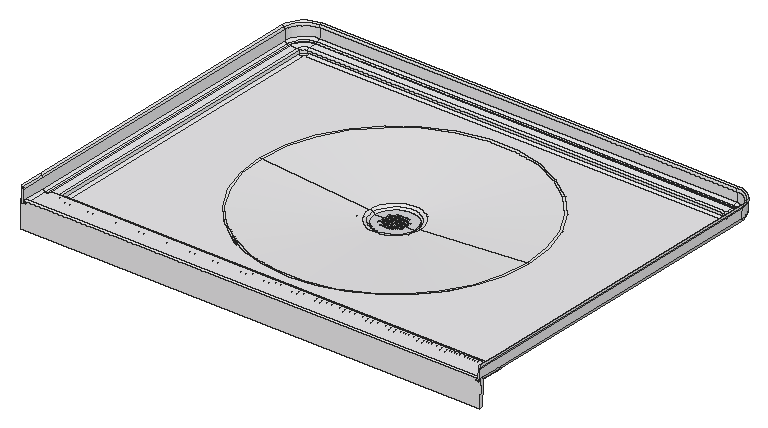
Revit family "Shower-Receptor-STERLING-GUARD-95078", category Plumbing Fixtures, host Face, Revit 2017
Family settings
  Host = Face
  Round Connector Dimension = Use Diameter
  Part Type = Normal
  OmniClass Number = 23.31.17.13
  OmniClass Title = Shower Receptors
  Cut with Voids When Loaded = No
  Shared = No
  Room Calculation Point = No
Parameters (values of type "0-White")
  Width = 38"  # constant formula
  WaterSense Certified = 1 = 0  # no
  Waste Water Outlet = "Waste Water Outlet"  # constant formula
  Waste Connection = 1 = 1  # yes
  Vent Connection = 1 = 0  # no
  URL = "https://www.sterlingplumbing.com/"
  Type = 1
  Product Page URL = "http://www.sterlingplumbing.com/detail?productNumber=95078"
  Product Name = "GUARD"  # constant formula
  Product Documentation Link = "https://resources.kohler.com/plumbing/sterling/pdf/95078_spec_US-CA_Sterling_en.pdf"
  Pressure = 0.00 psi
  Model = "95078-0"  # constant formula
  Material = "Acrylic"  # constant formula
  Master Format 2014 Name = "Residential Showers"  # constant formula
  Master Format 2014 = "22 41 23"  # constant formula
  Manufacturer Address = "444 Highland Dr, Kohler, WI 53044"  # constant formula
  Manufacturer = "STERLING Co."  # constant formula
  Length = 50"  # constant formula
  Hot Water Inlet = "Hot Water Inlet"  # constant formula
  Height = 5 109/256"  # constant formula
  HW Connection = 1 = 0  # no
  Flow Rate = 0 GPM
  Finish = STERLING-Acrylic-0-White
  Environmental Product Declaration = ""
  Drain Included = 1 = 0  # no
  Description = "50 inch x 38 inch shower base"  # constant formula
  Default Elevation = 0"
  Declare Label = ""
  Date Modified = "12/9/2020"  # constant formula
  Date Created = "12/9/2020"  # constant formula
  Copyright = "Copyright STERING.Co"  # constant formula
  Contact Us = "https://www.us.kohler.com/us/static/contact.jsp"
  Cold Water Inlet = "Cold Water Inlet"  # constant formula
  CW Connection = 1 = 0  # no
  Assembly Code = "D2010700"
  ADA Compliant = 1 = 0  # no
Reference planes (in)
  plane 1 "Center (Front/Back)": y = 0
  plane 2: z = 0
  plane 3 "Center (Left/Right)": x = 0
  plane 4: x = -25
  plane 5: x = 25
  plane 6: y = -19
  plane 7: y = 19
  plane 8: y = 0.75
  plane 9: z = 4.17803
  plane 10: z = -1.24775
Forms (in)
  Revolve 1, void
    sketch origin (0, 0, 0) x (0, 1, 0) y (0, 0, 1)
      loop
        line (0.75, 0.4423) -> (0.75, -1.2495) -> (2.34194, -1.2495) -> (2.34194, -0.31325) -> (3.01031, -0.31325) -> (3.01031, 0.4423) -> (0.75, 0.4423)
      axis (0.75, 0.4423) -> (0.75, -1.2495)
    angle from 0 to 360
Dimensions and locks (in)
  locked: plane 7 to plane 8 at 18.25
  "Length": plane 4 to plane 5
  "Width": plane 6 to plane 7
  equal spacing: plane 6, plane 1 "Center (Front/Back)", plane 7, locked at 19 each
  locked: plane 9 to level at 4.17803
  "Height": plane 9 to plane 10
  locked: plane 3 "Center (Left/Right)" to plane 5 at 25
  aligned and locked: plane 2 to host face
  aligned and locked: level to host face
  aligned and locked: nested 1 to plane 6
Automatic sketch dimensions
  host sketch curve to host sketch curve = 96"  (x2)
  Revolve 1 sketch curve to plane 1 "Center (Front/Back)" = 3/4"  (x2)
  Revolve 1 sketch curve to level = 0.31325"
  plane 8 to Revolve 1 sketch curve = 1.59194"
  Revolve 1 sketch curve to Revolve 1 sketch curve = 0.66837"
  Revolve 1 sketch curve to level = 1.2495"
  level to Revolve 1 sketch curve = 0.4423"
  Revolve 1 sketch curve to Revolve 1 sketch curve = 0.2505"
  Revolve 1 sketch curve to Revolve 1 sketch curve = 4.8077"
Nested families (in)
  nested 1: "95078" at (0, 0.75, 0), type "95078"
Connectors (in)
  piping at (0, 0.75, -1.2495), diameter 2.5, driven by "Flow Rate", driven by "Waste Connection", driven by "Waste Water Outlet"
    settings: on nested 1, index 1, connector inside diameter 24", connector length 0", flow factor 0, pipe flow 0 GPM, pressure drop 0.00 psi, fitting loss kfactor 0, connector angle 0.00°, fixture units 0, engagement length 0", angle of deflection 0.00°, flow configuration 0, flow direction 2, fitting loss method 0, system type 16, joint type 0, gender type 0, connector reference index -1, connector utility 1, adjustable connector no, is connector primary yes, connector description "Waste Water Outlet"
Definition of nested family "95078"
  Parameters (values of type "95078")
    Material = none
  Reference planes (in)
    plane 1 "Center (Front/Back)": y = 0
    plane 2: z = 0
    plane 3 "Center (Left/Right)": x = 0
    plane 4: y = 18.25
    plane 5: y = -19.75
    plane 6: z = 4.17803
    plane 7: z = -1.2495
    plane 8: z = 2.87402
    plane 9: z = 2.43652
    plane 10: x = -25
    plane 11: x = 25
    plane 12: x = -22.83594
    plane 13: x = 22.83594
  Forms (in)
    Sweep 1, solid, material <- "Material", detail levels medium+fine
      path origin (0, 0, 0) x (1, 0, 0) y (0, 1, 0)
        loop
          line (-22.83594, -17.04988) -> (-22.83594, 15.85845)
          arc (-22.83594, 15.85845) -> (-22.76931, 16.01931) -> (-22.60845, 16.08594) r 0.22749
          line (-22.60845, 16.08594) -> (22.76736, 16.08594)
          arc (22.76736, 16.08594) -> (22.81585, 16.06585) -> (22.83594, 16.01736) r 0.06858
          line (22.83594, 16.01736) -> (22.83594, -17.05078)
      profile origin (22.83594, -0.51671, 0) x (1, 0, 0) y (0, 0, 1)
        loop
          arc (2.16419, 4.17803) -> (2.07526, 4.12125) -> (1.99893, 4.0484) r 0.54543
          arc (1.99893, 4.0484) -> (1.93241, 3.93698) -> (1.90776, 3.80958) r 0.37562
          line (1.90776, 3.80958) -> (1.89012, 2.79867)
          arc (1.89012, 2.79867) -> (1.81538, 2.62472) -> (1.64016, 2.55303) r 0.25
          line (1.64016, 2.55303) -> (1.34203, 2.55303)
          arc (1.34203, 2.55303) -> (1.2733, 2.55114) -> (1.20477, 2.54548) r 1.25
          line (1.20477, 2.54548) -> (0.51287, 2.46904)
          arc (0.51287, 2.46904) -> (0.39438, 2.41258) -> (0.33649, 2.29478) r 0.19981
          line (0.33649, 2.29478) -> (0.30946, 2.07465)
          arc (0.30946, 2.07465) -> (0.22697, 1.91788) -> (0.06132, 1.85512) r 0.25
          line (0.06132, 1.85512) -> (0, 1.85512) -> (0, 1.64327) -> (0.05791, 1.64327)
          arc (0.05791, 1.64327) -> (0.36661, 1.76022) -> (0.52031, 2.05236) r 0.46587
          line (0.52031, 2.05236) -> (0.53339, 2.15884)
          arc (0.53339, 2.15884) -> (0.57048, 2.23432) -> (0.64641, 2.2705) r 0.12803
          line (0.64641, 2.2705) -> (1.23258, 2.33526)
          arc (1.23258, 2.33526) -> (1.28495, 2.33959) -> (1.33748, 2.34103) r 0.95526
          line (1.33748, 2.34103) -> (1.63258, 2.34103)
          arc (1.63258, 2.34103) -> (1.9618, 2.47572) -> (2.10222, 2.80254) r 0.46971
          line (2.10222, 2.80254) -> (2.11973, 3.80588)
          arc (2.11973, 3.80588) -> (2.13177, 3.86398) -> (2.16419, 3.91367) r 0.15967
          line (2.16419, 3.91367) -> (2.16419, 4.17803)
    Extrusion 2, solid, material <- "Material", detail levels medium+fine
      sketch origin (0, 0, 0) x (0, 1, 0) y (0, 0, 1)
        loop
          arc (-16.41142, 2.24476) -> (-16.52724, 2.4649) -> (-16.75986, 2.55303) r 0.35106
          line (-16.75986, 2.55303) -> (-19.26888, 2.55303)
          arc (-19.26888, 2.55303) -> (-19.34808, 2.58463) -> (-19.38378, 2.66207) r 0.11506
          line (-19.38378, 2.66207) -> (-19.3883, 2.74831)
          arc (-19.3883, 2.74831) -> (-19.52231, 2.87438) -> (-19.65411, 2.74599) r 0.13304
          line (-19.65411, 2.74599) -> (-19.75, 0) -> (-19.43781, 0) -> (-19.36052, 2.21316)
          arc (-19.36052, 2.21316) -> (-19.31982, 2.30248) -> (-19.22788, 2.33685) r 0.12825
          line (-19.22788, 2.33685) -> (-16.73783, 2.2499)
          arc (-16.73783, 2.2499) -> (-16.65101, 2.21217) -> (-16.6132, 2.12538) r 0.12922
          arc (-16.6132, 2.12538) -> (-16.4607, 1.78344) -> (-16.11352, 1.64327) r 0.5
          line (-16.11352, 1.64327) -> (-15.84564, 1.64327) -> (-15.84564, 1.85512) -> (-16.16828, 1.85512)
          arc (-16.16828, 1.85512) -> (-16.31455, 1.91053) -> (-16.38737, 2.04895) r 0.22074
          line (-16.38737, 2.04895) -> (-16.41142, 2.24476)
      from -25.00013 to 25.00013
    Extrusion 3, solid, material <- "Material", detail levels medium+fine
      sketch origin (0, 0, 0) x (1, 0, 0) y (0, 1, 0)
        loop
          line (-22.83594, -15.84564) -> (22.83594, -15.84564) -> (22.83594, 16.01736)
          arc (22.83594, 16.01736) -> (22.81585, 16.06585) -> (22.76736, 16.08594) r 0.06858
          line (22.76736, 16.08594) -> (-22.60845, 16.08594)
          arc (-22.60845, 16.08594) -> (-22.76931, 16.01931) -> (-22.83594, 15.85845) r 0.22749
          line (-22.83594, 15.85845) -> (-22.83594, -15.84564)
        loop
          circle (-0.13255, -0.00952) r 15.34488
      from 1.64327 to 1.85512
    Extrusion 4, void
      sketch origin (0, 0, 0) x (0, 1, 0) y (0, 0, 1)
        loop
          arc (-16.6132, 2.12538) -> (-16.65101, 2.21217) -> (-16.73783, 2.2499) r 0.12922
          line (-16.73783, 2.2499) -> (-17.16406, 2.26478) -> (-17.16406, 1.27729) -> (-15.91406, 1.27729) -> (-15.91406, 1.64327) -> (-16.11352, 1.64327)
          arc (-16.11352, 1.64327) -> (-16.4607, 1.78344) -> (-16.6132, 2.12538) r 0.5
      from -30 to 32.86528
    Extrusion 5, void
      sketch origin (4.99987, 0, 0) x (1, 0, 0) y (0, 0, 1)
        loop
          line (-28.35612, 2.05236) -> (-28.36919, 2.15884)
          arc (-28.36919, 2.15884) -> (-28.40629, 2.23432) -> (-28.48221, 2.2705) r 0.12803
          line (-28.48221, 2.2705) -> (-29.06839, 2.33526)
          arc (-29.06839, 2.33526) -> (-29.12075, 2.33959) -> (-29.17328, 2.34103) r 0.95526
          line (-29.17328, 2.34103) -> (-29.46165, 2.34103)
          arc (-29.46165, 2.34103) -> (-29.79568, 2.47769) -> (-29.93814, 2.80928) r 0.47656
          line (-29.93814, 2.80928) -> (-29.93928, 2.87438) -> (-30, 2.87438) -> (-30, 1.64327) -> (-27.89372, 1.64327)
          arc (-27.89372, 1.64327) -> (-28.20241, 1.76022) -> (-28.35612, 2.05236) r 0.46587
      from -24 to 19.33765
    Revolve 6, solid, material <- "Material", detail levels medium+fine
      sketch origin (0, 0, 0) x (1, 0, 0) y (0, 0, 1)
        loop
          line (0, -1.2495) -> (0, -1.1245) -> (-1.3924, -1.1245)
          arc (-1.3924, -1.1245) -> (-1.41742, -1.11414) -> (-1.42779, -1.08912) r 0.03538
          line (-1.42779, -1.08912) -> (-1.42779, 0.17459) -> (-1.5, 0.17459) -> (-1.5, 0.56) -> (-2.09416, 0.56)
          arc (-2.09416, 0.56) -> (-2.17009, 0.5751) -> (-2.23446, 0.61811) r 0.1984
          line (-2.23446, 0.61811) -> (-2.45019, 0.83385)
          arc (-2.45019, 0.83385) -> (-2.60811, 0.94043) -> (-2.79443, 0.98021) r 0.5
          arc (-2.79443, 0.98021) -> (-8.63907, 1.24979) -> (-14.46011, 1.83975) r 106.56326
          arc (-14.46011, 1.83975) -> (-14.57931, 1.85127) -> (-14.69901, 1.85512) r 1.86485
          line (-14.69901, 1.85512) -> (-15.58581, 1.85512) -> (-15.58581, 1.64327) -> (-14.58522, 1.64327)
          arc (-14.58522, 1.64327) -> (-8.80702, 1.05077) -> (-3.00515, 0.77336) r 106.7742
          line (-3.00515, 0.77336) -> (-3.00515, 0.67548) -> (-2.85615, 0.67548)
          arc (-2.85615, 0.67548) -> (-2.73972, 0.65232) -> (-2.64102, 0.58637) r 0.30423
          line (-2.64102, 0.58637) -> (-2.44829, 0.39364)
          arc (-2.44829, 0.39364) -> (-2.28697, 0.28585) -> (-2.09668, 0.248) r 0.49725
          line (-2.09668, 0.248) -> (-2.25, 0.248) -> (-2.25, 0.08941)
          arc (-2.25, 0.08941) -> (-2.22381, 0.02619) -> (-2.16059, 0) r 0.08941
          line (-2.16059, 0) -> (-2.0435, 0)
          arc (-2.0435, 0) -> (-2.00902, -0.01393) -> (-1.99389, -0.0479) r 0.04964
          line (-1.99389, -0.0479) -> (-1.98462, -0.31325) -> (-1.59029, -0.31325) -> (-1.59029, -1.18256) -> (-1.52335, -1.2495) -> (0, -1.2495)
        axis (0, 1.85512) -> (0, -1.2495)
      angle from 0 to 360
    Revolve 7, solid, detail levels medium+fine
      sketch origin (0, 0, 0) x (1, 0, 0) y (0, 0, 1)
        loop
          line (-2.1875, 0.688) -> (-2.1875, 0.64457) -> (-1.95665, 0.5955) -> (0, 0.5955) -> (0, 0.688) -> (-2.1875, 0.688)
        axis (0, 0.5955) -> (0, 0.688)
      angle from 0 to 360
    Extrusion 8, void
      sketch origin (0, 0, 0) x (1, 0, 0) y (0, 1, 0)
        loop
          arc (-0.2, 0.83723) -> (-0.18609, 0.80366) -> (-0.15252, 0.78975) r 0.04748
          line (-0.15252, 0.78975) -> (0.14571, 0.78975)
          arc (0.14571, 0.78975) -> (0.1841, 0.80565) -> (0.2, 0.84404) r 0.05429
          line (0.2, 0.84404) -> (0.2, 1.14856)
          arc (0.2, 1.14856) -> (0.18501, 1.18476) -> (0.14881, 1.19975) r 0.05119
          line (0.14881, 1.19975) -> (-0.14313, 1.19975)
          arc (-0.14313, 1.19975) -> (-0.18334, 1.18309) -> (-0.2, 1.14288) r 0.05687
          line (-0.2, 1.14288) -> (-0.2, 0.83723)
        loop
          arc (-0.3429, 0.7935) -> (-0.30814, 0.80789) -> (-0.29375, 0.84265) r 0.04915
          line (-0.29375, 0.84265) -> (-0.29375, 1.14897)
          arc (-0.29375, 1.14897) -> (-0.30862, 1.18488) -> (-0.34453, 1.19975) r 0.05078
          line (-0.34453, 1.19975) -> (-0.64977, 1.19975)
          arc (-0.64977, 1.19975) -> (-0.68529, 1.18504) -> (-0.7, 1.14952) r 0.05023
          line (-0.7, 1.14952) -> (-0.7, 0.84551)
          arc (-0.7, 0.84551) -> (-0.68477, 0.80873) -> (-0.64799, 0.7935) r 0.05201
          line (-0.64799, 0.7935) -> (-0.3429, 0.7935)
        loop
          arc (-0.3429, 0.2935) -> (-0.30814, 0.30789) -> (-0.29375, 0.34265) r 0.04915
          line (-0.29375, 0.34265) -> (-0.29375, 0.64897)
          arc (-0.29375, 0.64897) -> (-0.30862, 0.68488) -> (-0.34453, 0.69975) r 0.05078
          line (-0.34453, 0.69975) -> (-0.64977, 0.69975)
          arc (-0.64977, 0.69975) -> (-0.68529, 0.68504) -> (-0.7, 0.64952) r 0.05023
          line (-0.7, 0.64952) -> (-0.7, 0.34551)
          arc (-0.7, 0.34551) -> (-0.68477, 0.30873) -> (-0.64799, 0.2935) r 0.05201
          line (-0.64799, 0.2935) -> (-0.3429, 0.2935)
        loop
          arc (-0.8429, 0.2935) -> (-0.80814, 0.30789) -> (-0.79375, 0.34265) r 0.04915
          line (-0.79375, 0.34265) -> (-0.79375, 0.64897)
          arc (-0.79375, 0.64897) -> (-0.80862, 0.68488) -> (-0.84453, 0.69975) r 0.05078
          line (-0.84453, 0.69975) -> (-1.14977, 0.69975)
          arc (-1.14977, 0.69975) -> (-1.18529, 0.68504) -> (-1.2, 0.64952) r 0.05023
          line (-1.2, 0.64952) -> (-1.2, 0.34551)
          arc (-1.2, 0.34551) -> (-1.18477, 0.30873) -> (-1.14799, 0.2935) r 0.05201
          line (-1.14799, 0.2935) -> (-0.8429, 0.2935)
        loop
          arc (-0.8429, -0.20625) -> (-0.80814, -0.19186) -> (-0.79375, -0.1571) r 0.04915
          line (-0.79375, -0.1571) -> (-0.79375, 0.14922)
          arc (-0.79375, 0.14922) -> (-0.80862, 0.18513) -> (-0.84453, 0.2) r 0.05078
          line (-0.84453, 0.2) -> (-1.14977, 0.2)
          arc (-1.14977, 0.2) -> (-1.18529, 0.18529) -> (-1.2, 0.14977) r 0.05023
          line (-1.2, 0.14977) -> (-1.2, -0.15424)
          arc (-1.2, -0.15424) -> (-1.18477, -0.19102) -> (-1.14799, -0.20625) r 0.05201
          line (-1.14799, -0.20625) -> (-0.8429, -0.20625)
        loop
          arc (-0.8429, -0.7) -> (-0.80814, -0.68561) -> (-0.79375, -0.65085) r 0.04915
          line (-0.79375, -0.65085) -> (-0.79375, -0.34453)
          arc (-0.79375, -0.34453) -> (-0.80862, -0.30862) -> (-0.84453, -0.29375) r 0.05078
          line (-0.84453, -0.29375) -> (-1.14977, -0.29375)
          arc (-1.14977, -0.29375) -> (-1.18529, -0.30846) -> (-1.2, -0.34398) r 0.05023
          line (-1.2, -0.34398) -> (-1.2, -0.64799)
          arc (-1.2, -0.64799) -> (-1.18477, -0.68477) -> (-1.14799, -0.7) r 0.05201
          line (-1.14799, -0.7) -> (-0.8429, -0.7)
        loop
          arc (-0.3429, -0.7) -> (-0.30814, -0.68561) -> (-0.29375, -0.65085) r 0.04915
          line (-0.29375, -0.65085) -> (-0.29375, -0.34453)
          arc (-0.29375, -0.34453) -> (-0.30862, -0.30862) -> (-0.34453, -0.29375) r 0.05078
          line (-0.34453, -0.29375) -> (-0.64977, -0.29375)
          arc (-0.64977, -0.29375) -> (-0.68529, -0.30846) -> (-0.7, -0.34398) r 0.05023
          line (-0.7, -0.34398) -> (-0.7, -0.64799)
          arc (-0.7, -0.64799) -> (-0.68477, -0.68477) -> (-0.64799, -0.7) r 0.05201
          line (-0.64799, -0.7) -> (-0.3429, -0.7)
        loop
          arc (-0.3429, -0.20625) -> (-0.30814, -0.19186) -> (-0.29375, -0.1571) r 0.04915
          line (-0.29375, -0.1571) -> (-0.29375, 0.14922)
          arc (-0.29375, 0.14922) -> (-0.30862, 0.18513) -> (-0.34453, 0.2) r 0.05078
          line (-0.34453, 0.2) -> (-0.64977, 0.2)
          arc (-0.64977, 0.2) -> (-0.68529, 0.18529) -> (-0.7, 0.14977) r 0.05023
          line (-0.7, 0.14977) -> (-0.7, -0.15424)
          arc (-0.7, -0.15424) -> (-0.68477, -0.19102) -> (-0.64799, -0.20625) r 0.05201
          line (-0.64799, -0.20625) -> (-0.3429, -0.20625)
        loop
          arc (0.15425, -0.20625) -> (0.189, -0.19186) -> (0.2034, -0.1571) r 0.04915
          line (0.2034, -0.1571) -> (0.2034, 0.14922)
          arc (0.2034, 0.14922) -> (0.18853, 0.18513) -> (0.15262, 0.2) r 0.05078
          line (0.15262, 0.2) -> (-0.15262, 0.2)
          arc (-0.15262, 0.2) -> (-0.18814, 0.18529) -> (-0.20285, 0.14977) r 0.05023
          line (-0.20285, 0.14977) -> (-0.20285, -0.15424)
          arc (-0.20285, -0.15424) -> (-0.18762, -0.19102) -> (-0.15084, -0.20625) r 0.05201
          line (-0.15084, -0.20625) -> (0.15425, -0.20625)
        loop
          arc (0.15425, 0.2935) -> (0.189, 0.30789) -> (0.2034, 0.34265) r 0.04915
          line (0.2034, 0.34265) -> (0.2034, 0.64897)
          arc (0.2034, 0.64897) -> (0.18853, 0.68488) -> (0.15262, 0.69975) r 0.05078
          line (0.15262, 0.69975) -> (-0.15262, 0.69975)
          arc (-0.15262, 0.69975) -> (-0.18814, 0.68504) -> (-0.20285, 0.64952) r 0.05023
          line (-0.20285, 0.64952) -> (-0.20285, 0.34551)
          arc (-0.20285, 0.34551) -> (-0.18762, 0.30873) -> (-0.15084, 0.2935) r 0.05201
          line (-0.15084, 0.2935) -> (0.15425, 0.2935)
        loop
          arc (0.65425, 0.2935) -> (0.689, 0.30789) -> (0.7034, 0.34265) r 0.04915
          line (0.7034, 0.34265) -> (0.7034, 0.64897)
          arc (0.7034, 0.64897) -> (0.68853, 0.68488) -> (0.65262, 0.69975) r 0.05078
          line (0.65262, 0.69975) -> (0.34738, 0.69975)
          arc (0.34738, 0.69975) -> (0.31186, 0.68504) -> (0.29715, 0.64952) r 0.05023
          line (0.29715, 0.64952) -> (0.29715, 0.34551)
          arc (0.29715, 0.34551) -> (0.31238, 0.30873) -> (0.34916, 0.2935) r 0.05201
          line (0.34916, 0.2935) -> (0.65425, 0.2935)
        loop
          arc (0.65425, -0.20625) -> (0.689, -0.19186) -> (0.7034, -0.1571) r 0.04915
          line (0.7034, -0.1571) -> (0.7034, 0.14922)
          arc (0.7034, 0.14922) -> (0.68853, 0.18513) -> (0.65262, 0.2) r 0.05078
          line (0.65262, 0.2) -> (0.34738, 0.2)
          arc (0.34738, 0.2) -> (0.31186, 0.18529) -> (0.29715, 0.14977) r 0.05023
          line (0.29715, 0.14977) -> (0.29715, -0.15424)
          arc (0.29715, -0.15424) -> (0.31238, -0.19102) -> (0.34916, -0.20625) r 0.05201
          line (0.34916, -0.20625) -> (0.65425, -0.20625)
        loop
          arc (0.65425, -0.7) -> (0.689, -0.68561) -> (0.7034, -0.65085) r 0.04915
          line (0.7034, -0.65085) -> (0.7034, -0.34453)
          arc (0.7034, -0.34453) -> (0.68853, -0.30862) -> (0.65262, -0.29375) r 0.05078
          line (0.65262, -0.29375) -> (0.34738, -0.29375)
          arc (0.34738, -0.29375) -> (0.31186, -0.30846) -> (0.29715, -0.34398) r 0.05023
          line (0.29715, -0.34398) -> (0.29715, -0.64799)
          arc (0.29715, -0.64799) -> (0.31238, -0.68477) -> (0.34916, -0.7) r 0.05201
          line (0.34916, -0.7) -> (0.65425, -0.7)
        loop
          arc (0.15425, -0.7) -> (0.189, -0.68561) -> (0.2034, -0.65085) r 0.04915
          line (0.2034, -0.65085) -> (0.2034, -0.34453)
          arc (0.2034, -0.34453) -> (0.18853, -0.30862) -> (0.15262, -0.29375) r 0.05078
          line (0.15262, -0.29375) -> (-0.15262, -0.29375)
          arc (-0.15262, -0.29375) -> (-0.18814, -0.30846) -> (-0.20285, -0.34398) r 0.05023
          line (-0.20285, -0.34398) -> (-0.20285, -0.64799)
          arc (-0.20285, -0.64799) -> (-0.18762, -0.68477) -> (-0.15084, -0.7) r 0.05201
          line (-0.15084, -0.7) -> (0.15425, -0.7)
        loop
          arc (0.15425, -1.196) -> (0.189, -1.18161) -> (0.2034, -1.14685) r 0.04915
          line (0.2034, -1.14685) -> (0.2034, -0.84053)
          arc (0.2034, -0.84053) -> (0.18853, -0.80462) -> (0.15262, -0.78975) r 0.05078
          line (0.15262, -0.78975) -> (-0.15262, -0.78975)
          arc (-0.15262, -0.78975) -> (-0.18814, -0.80446) -> (-0.20285, -0.83998) r 0.05023
          line (-0.20285, -0.83998) -> (-0.20285, -1.14399)
          arc (-0.20285, -1.14399) -> (-0.18762, -1.18077) -> (-0.15084, -1.196) r 0.05201
          line (-0.15084, -1.196) -> (0.15425, -1.196)
        loop
          arc (-0.34575, -1.196) -> (-0.311, -1.18161) -> (-0.2966, -1.14685) r 0.04915
          line (-0.2966, -1.14685) -> (-0.2966, -0.84053)
          arc (-0.2966, -0.84053) -> (-0.31147, -0.80462) -> (-0.34738, -0.78975) r 0.05078
          line (-0.34738, -0.78975) -> (-0.65262, -0.78975)
          arc (-0.65262, -0.78975) -> (-0.68814, -0.80446) -> (-0.70285, -0.83998) r 0.05023
          line (-0.70285, -0.83998) -> (-0.70285, -1.14399)
          arc (-0.70285, -1.14399) -> (-0.68762, -1.18077) -> (-0.65084, -1.196) r 0.05201
          line (-0.65084, -1.196) -> (-0.34575, -1.196)
        loop
          arc (0.65425, -1.196) -> (0.689, -1.18161) -> (0.7034, -1.14685) r 0.04915
          line (0.7034, -1.14685) -> (0.7034, -0.84053)
          arc (0.7034, -0.84053) -> (0.68853, -0.80462) -> (0.65262, -0.78975) r 0.05078
          line (0.65262, -0.78975) -> (0.34738, -0.78975)
          arc (0.34738, -0.78975) -> (0.31186, -0.80446) -> (0.29715, -0.83998) r 0.05023
          line (0.29715, -0.83998) -> (0.29715, -1.14399)
          arc (0.29715, -1.14399) -> (0.31238, -1.18077) -> (0.34916, -1.196) r 0.05201
          line (0.34916, -1.196) -> (0.65425, -1.196)
        loop
          arc (1.13997, -0.7) -> (1.17472, -0.68561) -> (1.18911, -0.65085) r 0.04915
          line (1.18911, -0.65085) -> (1.18911, -0.34453)
          arc (1.18911, -0.34453) -> (1.17424, -0.30862) -> (1.13833, -0.29375) r 0.05078
          line (1.13833, -0.29375) -> (0.8331, -0.29375)
          arc (0.8331, -0.29375) -> (0.79758, -0.30846) -> (0.78286, -0.34398) r 0.05023
          line (0.78286, -0.34398) -> (0.78286, -0.64799)
          arc (0.78286, -0.64799) -> (0.7981, -0.68477) -> (0.83488, -0.7) r 0.05201
          line (0.83488, -0.7) -> (1.13997, -0.7)
        loop
          arc (0.65113, 0.7935) -> (0.68588, 0.80789) -> (0.70027, 0.84265) r 0.04915
          line (0.70027, 0.84265) -> (0.70027, 1.14897)
          arc (0.70027, 1.14897) -> (0.6854, 1.18488) -> (0.64949, 1.19975) r 0.05078
          line (0.64949, 1.19975) -> (0.34426, 1.19975)
          arc (0.34426, 1.19975) -> (0.30874, 1.18504) -> (0.29402, 1.14952) r 0.05023
          line (0.29402, 1.14952) -> (0.29402, 0.84551)
          arc (0.29402, 0.84551) -> (0.30926, 0.80873) -> (0.34604, 0.7935) r 0.05201
          line (0.34604, 0.7935) -> (0.65113, 0.7935)
        loop
          arc (1.15113, 0.2935) -> (1.18588, 0.30789) -> (1.20027, 0.34265) r 0.04915
          line (1.20027, 0.34265) -> (1.20027, 0.64897)
          arc (1.20027, 0.64897) -> (1.1854, 0.68488) -> (1.14949, 0.69975) r 0.05078
          line (1.14949, 0.69975) -> (0.84426, 0.69975)
          arc (0.84426, 0.69975) -> (0.80874, 0.68504) -> (0.79402, 0.64952) r 0.05023
          line (0.79402, 0.64952) -> (0.79402, 0.34551)
          arc (0.79402, 0.34551) -> (0.80926, 0.30873) -> (0.84604, 0.2935) r 0.05201
          line (0.84604, 0.2935) -> (1.15113, 0.2935)
        loop
          arc (1.15113, -0.20625) -> (1.18588, -0.19186) -> (1.20027, -0.1571) r 0.04915
          line (1.20027, -0.1571) -> (1.20027, 0.14922)
          arc (1.20027, 0.14922) -> (1.1854, 0.18513) -> (1.14949, 0.2) r 0.05078
          line (1.14949, 0.2) -> (0.84426, 0.2)
          arc (0.84426, 0.2) -> (0.80874, 0.18529) -> (0.79402, 0.14977) r 0.05023
          line (0.79402, 0.14977) -> (0.79402, -0.15424)
          arc (0.79402, -0.15424) -> (0.80926, -0.19102) -> (0.84604, -0.20625) r 0.05201
          line (0.84604, -0.20625) -> (1.15113, -0.20625)
      from 0 to 2.28214
    Extrusion 9, void
      sketch origin (0, 0, 0) x (0, 1, 0) y (0, 0, 1)
        loop
          line (-19.60168, 4.24741) -> (-20.17088, 4.24741) -> (-20.17088, 2.24741) -> (-19.67152, 2.24741) -> (-19.60168, 4.24741)
      from -50 to 31.5635
    Extrusion 10, void
      sketch origin (-4.99987, 0, 0) x (-1, 0, 0) y (0, 0, -1)
        loop
          arc (-28.35612, -2.05236) -> (-28.20241, -1.76022) -> (-27.89372, -1.64327) r 0.46587
          line (-27.89372, -1.64327) -> (-30, -1.64327) -> (-30, -2.87438) -> (-29.93928, -2.87438) -> (-29.93811, -2.80768)
          arc (-29.93811, -2.80768) -> (-29.79614, -2.47722) -> (-29.46326, -2.34103) r 0.47493
          line (-29.46326, -2.34103) -> (-29.17328, -2.34103)
          arc (-29.17328, -2.34103) -> (-29.12075, -2.33959) -> (-29.06839, -2.33526) r 0.95526
          line (-29.06839, -2.33526) -> (-28.48221, -2.2705)
          arc (-28.48221, -2.2705) -> (-28.40629, -2.23432) -> (-28.36919, -2.15884) r 0.12803
          line (-28.36919, -2.15884) -> (-28.35612, -2.05236)
      from -24 to 19.33765
    Extrusion 11, solid, material <- "Material", detail levels medium+fine
      sketch origin (0, 0, 0) x (1, 0, 0) y (0, 0, 1)
        loop
          line (4.26672, 0.6633) -> (23.30302, 1.24228) -> (23.2872, 1.76213) -> (17.62095, 1.76213) -> (4.25741, 0.96933) -> (4.26672, 0.6633)
        loop
          line (-3.989, 0.60559) -> (4.011, 0.60559) -> (4.011, 0.80981) -> (-3.989, 0.80981) -> (-3.989, 0.60559)
        loop
          line (-4.26672, 0.6633) -> (-4.25741, 0.96933) -> (-17.62095, 1.76213) -> (-23.2872, 1.76213) -> (-23.30302, 1.24228) -> (-4.26672, 0.6633)
      from -13.875 to 19.54023
    Extrusion 12, void
      sketch origin (0, 0, 0) x (1, 0, 0) y (0, 1, 0)
        loop
          circle (0, 0) r 3.38038
      from -5.54149 to 10
    Extrusion 13, solid, material <- "Material", detail levels medium+fine
      sketch origin (0, 0, 0) x (1, 0, 0) y (0, 0, 1)
        loop
          line (16.76791, -0.02157) -> (16.73242, 1.14327) -> (13.73098, 1.14327) -> (13.76648, -0.02157) -> (16.76791, -0.02157)
        loop
          line (1.5, -0.02157) -> (1.5, 0.72751) -> (-1.5, 0.72751) -> (-1.5, -0.02157) -> (1.5, -0.02157)
        loop
          line (-16.7678, -0.02157) -> (-13.76642, -0.02157) -> (-13.73092, 1.14327) -> (-16.7323, 1.14327) -> (-16.7678, -0.02157)
      from -10.24966 to -7.25034
    Extrusion 14, solid, material <- "Material", detail levels medium+fine
      sketch origin (0, 0, 0) x (1, 0, 0) y (0, 0, -1)
        loop
          line (16.78152, 0.02157) -> (13.78036, 0.02157) -> (13.74486, -1.14327) -> (16.74603, -1.14327) -> (16.78152, 0.02157)
        loop
          line (1.5, 0.02157) -> (-1.5, 0.02157) -> (-1.5, -0.72751) -> (1.5, -0.72751) -> (1.5, 0.02157)
        loop
          line (-16.78159, 0.02157) -> (-16.74609, -1.14327) -> (-13.74486, -1.14327) -> (-13.78036, 0.02157) -> (-16.78159, 0.02157)
      from -15.24913 to -12.25087
    Extrusion 15, solid, material <- "Material", detail levels coarse
      sketch origin (0, 0, 0) x (1, 0, 0) y (0, 1, 0)
        loop
          line (-25.00013, 18.25013) -> (-25.00013, -19.75) -> (25.00013, -19.75) -> (25.00013, 18.25013) -> (-25.00013, 18.25013)
      from 2.27315 to 4.17803
    Extrusion 16, solid, material <- "Material", detail levels coarse
      sketch origin (0, 0, 0) x (0, 1, 0) y (0, 0, 1)
        loop
          line (-16.65783, 2.27315) -> (-16.65783, 0.6633) -> (16.67323, 0.6633) -> (16.67323, 2.27315) -> (-16.65783, 2.27315)
      from -23.375 to 23.37626
    Revolve 17, solid, material <- "Material", detail levels coarse
      sketch origin (0, 0, 0) x (1, 0, 0) y (0, 0, 1)
        loop
          line (0, -1.2495) -> (1.55423, -1.2495) -> (1.55423, 0.80981) -> (0, 0.80981) -> (0, -1.2495)
        axis (0, -1.2495) -> (0, 0.80981)
      angle from 0 to 360
    Extrusion 18, void
      sketch origin (0, 0, 0) x (1, 0, 0) y (0, 1, 0)
        loop
          line (-23.10244, 16.43189) -> (-23.10244, -16.40025) -> (23.17435, -16.40025) -> (23.17435, 16.43189) -> (-23.10244, 16.43189)
      from 0.80981 to 10
    Extrusion 19, void
      sketch origin (0, 0, 0) x (1, 0, 0) y (0, 1, 0)
        loop
          line (-23.10244, -16.40025) -> (-23.10244, -21.51836) -> (23.17435, -21.51836) -> (23.17435, -16.40025) -> (-23.10244, -16.40025)
      from 2.55303 to 10
    Extrusion 20, solid, material <- "Material", detail levels coarse
      sketch origin (0, 0, 0) x (0, 1, 0) y (0, 0, 1)
        loop
          line (-19.75, 0) -> (-19.43781, 0) -> (-19.43781, 2.86835) -> (-19.75, 2.86835) -> (-19.75, 0)
      from -25.00013 to 25.00013
    Extrusion 21, solid, material <- "Material", detail levels medium+fine
      sketch origin (0, 0, 0) x (1, 0, 0) y (0, 1, 0)
        loop
          circle (0, 0) r 0.3937
      from -1.2495 to -1.03655
    Extrusion 22, solid, material <- "Material", detail levels medium+fine
      sketch origin (0, 0, 0) x (1, 0, 0) y (0, 0, 1)
        loop
          line (-24.95567, 3.80588) -> (-24.93816, 2.80254)
          arc (-24.93816, 2.80254) -> (-24.91737, 2.67234) -> (-24.86122, 2.55303) r 0.46971
          line (-24.86122, 2.55303) -> (-24.47609, 2.55303)
          arc (-24.47609, 2.55303) -> (-24.65132, 2.62472) -> (-24.72606, 2.79867) r 0.25
          line (-24.72606, 2.79867) -> (-24.7437, 3.80958)
          arc (-24.7437, 3.80958) -> (-24.76834, 3.93698) -> (-24.83487, 4.0484) r 0.37562
          arc (-24.83487, 4.0484) -> (-24.9112, 4.12125) -> (-25.00013, 4.17803) r 0.54543
          line (-25.00013, 4.17803) -> (-25.00013, 3.91367)
          arc (-25.00013, 3.91367) -> (-24.96771, 3.86398) -> (-24.95567, 3.80588) r 0.15967
      from 17.04988 to 19.88264
    Extrusion 23, solid, material <- "Material", detail levels medium+fine
      sketch origin (0, 0, 0) x (-1, 0, 0) y (0, 0, -1)
        loop
          arc (-24.95567, -3.80588) -> (-24.96771, -3.86398) -> (-25.00013, -3.91367) r 0.15967
          line (-25.00013, -3.91367) -> (-25.00013, -4.17803)
          arc (-25.00013, -4.17803) -> (-24.9112, -4.12125) -> (-24.83487, -4.0484) r 0.54543
          arc (-24.83487, -4.0484) -> (-24.76834, -3.93698) -> (-24.7437, -3.80958) r 0.37562
          line (-24.7437, -3.80958) -> (-24.72606, -2.79867)
          arc (-24.72606, -2.79867) -> (-24.65132, -2.62472) -> (-24.47609, -2.55303) r 0.25
          line (-24.47609, -2.55303) -> (-24.86122, -2.55303)
          arc (-24.86122, -2.55303) -> (-24.91737, -2.67234) -> (-24.93816, -2.80254) r 0.46971
          line (-24.93816, -2.80254) -> (-24.95567, -3.80588)
      from 17.04988 to 19.88264
  Cuts and joins
    Extrusion 4, Extrusion 5, Extrusion 10 cuts Extrusion 2
    Extrusion 8 cuts Revolve 7
    Extrusion 18, Extrusion 19 cuts Extrusion 15
    Extrusion 18 cuts Extrusion 16
    joined: Extrusion 15, Extrusion 16, Revolve 17, Extrusion 20
    Extrusion 4, Extrusion 12 cuts Sweep 1
    Extrusion 4, Extrusion 12 cuts Extrusion 3
    Extrusion 4 cuts Revolve 6
    Extrusion 12 cuts Extrusion 11
    Extrusion 9 cuts Extrusion 22
    Extrusion 9 cuts Extrusion 23
    joined: Sweep 1, Extrusion 3, Revolve 6, Extrusion 11, Extrusion 13, Extrusion 14, Extrusion 22, Extrusion 23
  Lines and regions (in)
    Masking region 1
      outline origin (0, 0, 0) x (1, 0, 0) y (0, 1, 0)
        loop
          line (-25, 18.25) -> (-25, -19.75) -> (25, -19.75) -> (25, 18.25) -> (-25, 18.25)
    Masking region 2
      outline origin (0, 0, 0) x (1, 0, 0) y (0, 0, 1)
        loop
          line (-25, 4.17803) -> (-25, 0) -> (-2.03817, 0)
          arc (-2.03817, 0) -> (-2.00708, -0.01629) -> (-1.99386, -0.04881) r 0.05103
          line (-1.99386, -0.04881) -> (-1.98462, -0.31325) -> (-1.59029, -0.31325) -> (-1.59029, -1.18256) -> (-1.52335, -1.2495) -> (1.52335, -1.2495) -> (1.59029, -1.18256) -> (1.59029, -0.31325) -> (1.98463, -0.31325) -> (1.99386, -0.04881)
          arc (1.99386, -0.04881) -> (2.00708, -0.01629) -> (2.03817, 0) r 0.05103
          line (2.03817, 0) -> (25, 0) -> (25, 4.17803) -> (-25, 4.17803)
    Masking region 3
      outline origin (0, 0, 0) x (0, 1, 0) y (0, 0, 1)
        loop
          line (-19.75, 0) -> (-19.43781, 0) -> (-19.41666, 0.60559) -> (-15.1637, 0.60559) -> (-15.1637, 0.24182) -> (-12.16553, 0.24182) -> (-12.16553, 0.60559) -> (-2.66024, 0.60559) -> (-2.44829, 0.39364)
          arc (-2.44829, 0.39364) -> (-2.28697, 0.28585) -> (-2.09668, 0.248) r 0.49725
          line (-2.09668, 0.248) -> (-2.25, 0.248) -> (-2.25, 0.08941)
          arc (-2.25, 0.08941) -> (-2.22381, 0.02619) -> (-2.16059, 0) r 0.08941
          line (-2.16059, 0) -> (-2.0435, 0)
          arc (-2.0435, 0) -> (-2.00902, -0.01393) -> (-1.99389, -0.0479) r 0.04964
          line (-1.99389, -0.0479) -> (-1.98463, -0.31325) -> (-1.59029, -0.31325) -> (-1.59029, -1.18256) -> (-1.52335, -1.2495) -> (0, -1.2495) -> (1.52335, -1.2495) -> (1.59029, -1.18256) -> (1.59029, -0.31325) -> (1.98462, -0.31325) -> (1.99389, -0.0479)
          arc (1.99389, -0.0479) -> (2.00902, -0.01393) -> (2.0435, 0) r 0.04964
          line (2.0435, 0) -> (2.16059, 0)
          arc (2.16059, 0) -> (2.22381, 0.02619) -> (2.25, 0.08941) r 0.08941
          line (2.25, 0.08941) -> (2.25, 0.248) -> (2.09668, 0.248)
          arc (2.09668, 0.248) -> (2.28697, 0.28585) -> (2.44829, 0.39364) r 0.49725
          line (2.44829, 0.39364) -> (2.66024, 0.60559) -> (7.32514, 0.60559) -> (7.32514, 0.24182) -> (10.34627, 0.24182) -> (10.34627, 0.60559) -> (13.875, 0.60559) -> (13.875, 1.50289) -> (16.15305, 1.5658)
          arc (16.15305, 1.5658) -> (16.45062, 1.69211) -> (16.59738, 1.98015) r 0.47258
          line (16.59738, 1.98015) -> (16.62027, 2.16661)
          arc (16.62027, 2.16661) -> (16.65449, 2.23623) -> (16.72452, 2.26961) r 0.11811
          line (16.72452, 2.26961) -> (17.3191, 2.33536)
          arc (17.3191, 2.33536) -> (17.37118, 2.33965) -> (17.42341, 2.34104) r 0.93694
          line (17.42341, 2.34104) -> (17.71583, 2.34104)
          arc (17.71583, 2.34104) -> (18.04697, 2.47651) -> (18.1882, 2.80523) r 0.47244
          line (18.1882, 2.80523) -> (18.20564, 3.80434)
          arc (18.20564, 3.80434) -> (18.21768, 3.86316) -> (18.25013, 3.91367) r 0.16362
          line (18.25013, 3.91367) -> (18.25013, 4.17803) -> (-19.414, 4.17803)
          arc (-19.414, 4.17803) -> (-19.55075, 4.12279) -> (-19.61073, 3.98805) r 0.19685
          line (-19.61073, 3.98805) -> (-19.75, 0)
    symbolic lines
      curve 1: line (-25, -19.65411, 0) -> (25, -19.65411, 0)
      curve 6: circle (0, 0, 0) r 2.75591 normal (0, 0, 1)
      curve 8: circle (0, 0, 0) r 1.77165 normal (0, 0, 1)
      curve 201: line (-22.59304, 16.43189, 0) -> (22.59304, 16.43189, 0)
      curve 202: line (22.59304, -16.40025, 0) -> (-22.59304, -16.40025, 0)
      curve 203: line (23.18359, 15.84134, 0) -> (23.18359, -15.8097, 0)
      curve 204: arc (23.18359, 15.84134, 0) -> (23.01063, 16.25892, 0) -> (22.59304, 16.43189, 0) r 0.59055
      curve 205: arc (22.59304, -16.40025, 0) -> (23.01063, -16.22728, 0) -> (23.18359, -15.8097, 0) r 0.59055
      curve 300: line (-23.18359, 15.84134, 0) -> (-23.18359, -15.8097, 0)
      curve 301: arc (-23.18359, 15.84134, 0) -> (-23.01063, 16.25892, 0) -> (-22.59304, 16.43189, 0) r 0.59055
      curve 302: arc (-22.59304, -16.40025, 0) -> (-23.01063, -16.22728, 0) -> (-23.18359, -15.8097, 0) r 0.59055
    symbolic lines, detail levels medium+fine
      curve 2: line (-24.10156, 17.95079, 0) -> (24.10156, 17.95079, 0)
      curve 3: line (24.69211, -19.40269, 0) -> (-24.69211, -19.40269, 0)
      curve 4: line (24.69211, 17.36024, 0) -> (24.69211, -19.40269, 0)
      curve 5: arc (24.69211, 17.36024, 0) -> (24.51915, 17.77782, 0) -> (24.10156, 17.95079, 0) r 0.59055
      curve 7: circle (0, 0, 0) r 2.66816 normal (0, 0, 1)
      curve 9: line (-0.7, 1.14952, 0) -> (-0.7, 0.84551, 0)
      curve 10: line (-0.29375, 0.84265, 0) -> (-0.29375, 1.14897, 0)
      curve 11: line (-0.64799, 0.7935, 0) -> (-0.3429, 0.7935, 0)
      curve 12: line (-0.34453, 1.19975, 0) -> (-0.64977, 1.19975, 0)
      curve 13: arc (-0.7, 0.84551, 0) -> (-0.68477, 0.80873, 0) -> (-0.64799, 0.7935, 0) r 0.05201
      curve 14: arc (-0.3429, 0.7935, 0) -> (-0.30814, 0.80789, 0) -> (-0.29375, 0.84265, 0) r 0.04915
      curve 15: arc (-0.64977, 1.19975, 0) -> (-0.68529, 1.18504, 0) -> (-0.7, 1.14952, 0) r 0.05023
      curve 16: arc (-0.29375, 1.14897, 0) -> (-0.30862, 1.18488, 0) -> (-0.34453, 1.19975, 0) r 0.05078
      curve 17: line (-0.20001, 1.14952, 0) -> (-0.20001, 0.84551, 0)
      curve 18: line (0.20624, 0.84265, 0) -> (0.20624, 1.14897, 0)
      curve 19: line (-0.148, 0.7935, 0) -> (0.1571, 0.7935, 0)
      curve 20: line (0.15546, 1.19975, 0) -> (0.10124, 1.19975, 0)
      curve 21: arc (-0.20001, 0.84551, 0) -> (-0.18477, 0.80873, 0) -> (-0.148, 0.7935, 0) r 0.05201
      curve 22: arc (0.1571, 0.7935, 0) -> (0.19185, 0.80789, 0) -> (0.20624, 0.84265, 0) r 0.04915
      curve 23: arc (-0.14978, 1.19975, 0) -> (-0.1853, 1.18504, 0) -> (-0.20001, 1.14952, 0) r 0.05023
      curve 24: arc (0.20624, 1.14897, 0) -> (0.19137, 1.18488, 0) -> (0.15546, 1.19975, 0) r 0.05078
      curve 25: line (0.29402, 1.14952, 0) -> (0.29402, 0.84551, 0)
      curve 26: line (0.70027, 0.84265, 0) -> (0.70027, 1.14897, 0)
      curve 27: line (0.34604, 0.7935, 0) -> (0.65113, 0.7935, 0)
      curve 28: line (0.64949, 1.19975, 0) -> (0.34426, 1.19975, 0)
      curve 29: arc (0.29402, 0.84551, 0) -> (0.30926, 0.80873, 0) -> (0.34604, 0.7935, 0) r 0.05201
      curve 30: arc (0.65113, 0.7935, 0) -> (0.68588, 0.80789, 0) -> (0.70027, 0.84265, 0) r 0.04915
      curve 31: arc (0.34426, 1.19975, 0) -> (0.30874, 1.18504, 0) -> (0.29402, 1.14952, 0) r 0.05023
      curve 32: arc (0.70027, 1.14897, 0) -> (0.6854, 1.18488, 0) -> (0.64949, 1.19975, 0) r 0.05078
      curve 33: line (0.79402, 0.64952, 0) -> (0.79402, 0.34551, 0)
      curve 34: line (1.20027, 0.34265, 0) -> (1.20027, 0.64897, 0)
      curve 35: line (0.84604, 0.2935, 0) -> (1.15113, 0.2935, 0)
      curve 36: line (1.14949, 0.69975, 0) -> (0.84426, 0.69975, 0)
      curve 37: arc (0.79402, 0.34551, 0) -> (0.80926, 0.30873, 0) -> (0.84604, 0.2935, 0) r 0.05201
      curve 38: arc (1.15113, 0.2935, 0) -> (1.18588, 0.30789, 0) -> (1.20027, 0.34265, 0) r 0.04915
      curve 39: arc (0.84426, 0.69975, 0) -> (0.80874, 0.68504, 0) -> (0.79402, 0.64952, 0) r 0.05023
      curve 40: arc (1.20027, 0.64897, 0) -> (1.1854, 0.68488, 0) -> (1.14949, 0.69975, 0) r 0.05078
      curve 41: line (0.29715, 0.64952, 0) -> (0.29715, 0.34551, 0)
      curve 42: line (0.7034, 0.34265, 0) -> (0.7034, 0.64897, 0)
      curve 43: line (0.34916, 0.2935, 0) -> (0.65425, 0.2935, 0)
      curve 44: line (0.65262, 0.69975, 0) -> (0.34738, 0.69975, 0)
      curve 45: arc (0.29715, 0.34551, 0) -> (0.31238, 0.30873, 0) -> (0.34916, 0.2935, 0) r 0.05201
      curve 46: arc (0.65425, 0.2935, 0) -> (0.689, 0.30789, 0) -> (0.7034, 0.34265, 0) r 0.04915
      curve 47: arc (0.34738, 0.69975, 0) -> (0.31186, 0.68504, 0) -> (0.29715, 0.64952, 0) r 0.05023
      curve 48: arc (0.7034, 0.64897, 0) -> (0.68853, 0.68488, 0) -> (0.65262, 0.69975, 0) r 0.05078
      curve 49: line (-0.20285, 0.64952, 0) -> (-0.20285, 0.34551, 0)
      curve 50: line (0.2034, 0.34265, 0) -> (0.2034, 0.64897, 0)
      curve 51: line (-0.15084, 0.2935, 0) -> (0.15425, 0.2935, 0)
      curve 52: line (0.15262, 0.69975, 0) -> (-0.15262, 0.69975, 0)
      curve 53: arc (-0.20285, 0.34551, 0) -> (-0.18762, 0.30873, 0) -> (-0.15084, 0.2935, 0) r 0.05201
      curve 54: arc (0.15425, 0.2935, 0) -> (0.189, 0.30789, 0) -> (0.2034, 0.34265, 0) r 0.04915
      curve 55: arc (-0.15262, 0.69975, 0) -> (-0.18814, 0.68504, 0) -> (-0.20285, 0.64952, 0) r 0.05023
      curve 56: arc (0.2034, 0.64897, 0) -> (0.18853, 0.68488, 0) -> (0.15262, 0.69975, 0) r 0.05078
      curve 57: line (-0.7, 0.64952, 0) -> (-0.7, 0.34551, 0)
      curve 58: line (-0.29375, 0.34265, 0) -> (-0.29375, 0.64897, 0)
      curve 59: line (-0.64799, 0.2935, 0) -> (-0.3429, 0.2935, 0)
      curve 60: line (-0.34453, 0.69975, 0) -> (-0.64977, 0.69975, 0)
      curve 61: arc (-0.7, 0.34551, 0) -> (-0.68477, 0.30873, 0) -> (-0.64799, 0.2935, 0) r 0.05201
      curve 62: arc (-0.3429, 0.2935, 0) -> (-0.30814, 0.30789, 0) -> (-0.29375, 0.34265, 0) r 0.04915
      curve 63: arc (-0.64977, 0.69975, 0) -> (-0.68529, 0.68504, 0) -> (-0.7, 0.64952, 0) r 0.05023
      curve 64: arc (-0.29375, 0.64897, 0) -> (-0.30862, 0.68488, 0) -> (-0.34453, 0.69975, 0) r 0.05078
      curve 65: line (-1.2, 0.64952, 0) -> (-1.2, 0.34551, 0)
      curve 66: line (-0.79375, 0.34265, 0) -> (-0.79375, 0.64897, 0)
      curve 67: line (-1.14799, 0.2935, 0) -> (-0.8429, 0.2935, 0)
      curve 68: line (-0.84453, 0.69975, 0) -> (-1.14977, 0.69975, 0)
      curve 69: arc (-1.2, 0.34551, 0) -> (-1.18477, 0.30873, 0) -> (-1.14799, 0.2935, 0) r 0.05201
      curve 70: arc (-0.8429, 0.2935, 0) -> (-0.80814, 0.30789, 0) -> (-0.79375, 0.34265, 0) r 0.04915
      curve 71: arc (-1.14977, 0.69975, 0) -> (-1.18529, 0.68504, 0) -> (-1.2, 0.64952, 0) r 0.05023
      curve 72: arc (-0.79375, 0.64897, 0) -> (-0.80862, 0.68488, 0) -> (-0.84453, 0.69975, 0) r 0.05078
      curve 73: line (-1.2, 0.14977, 0) -> (-1.2, 0.0977, 0)
      curve 74: line (-0.79375, -0.1571, 0) -> (-0.79375, 0.14922, 0)
      curve 75: line (-1.14799, -0.20625, 0) -> (-0.8429, -0.20625, 0)
      curve 76: line (-0.84453, 0.2, 0) -> (-1.14977, 0.2, 0)
      curve 77: arc (-1.2, -0.15424, 0) -> (-1.18477, -0.19102, 0) -> (-1.14799, -0.20625, 0) r 0.05201
      curve 78: arc (-0.8429, -0.20625, 0) -> (-0.80814, -0.19186, 0) -> (-0.79375, -0.1571, 0) r 0.04915
      curve 79: arc (-1.14977, 0.2, 0) -> (-1.18529, 0.18529, 0) -> (-1.2, 0.14977, 0) r 0.05023
      curve 80: arc (-0.79375, 0.14922, 0) -> (-0.80862, 0.18513, 0) -> (-0.84453, 0.2, 0) r 0.05078
      curve 81: line (-0.7, 0.14977, 0) -> (-0.7, -0.15424, 0)
      curve 82: line (-0.29375, -0.1571, 0) -> (-0.29375, 0.14922, 0)
      curve 83: line (-0.64799, -0.20625, 0) -> (-0.3429, -0.20625, 0)
      curve 84: line (-0.34453, 0.2, 0) -> (-0.64977, 0.2, 0)
      curve 85: arc (-0.7, -0.15424, 0) -> (-0.68477, -0.19102, 0) -> (-0.64799, -0.20625, 0) r 0.05201
      curve 86: arc (-0.3429, -0.20625, 0) -> (-0.30814, -0.19186, 0) -> (-0.29375, -0.1571, 0) r 0.04915
      curve 87: arc (-0.64977, 0.2, 0) -> (-0.68529, 0.18529, 0) -> (-0.7, 0.14977, 0) r 0.05023
      curve 88: arc (-0.29375, 0.14922, 0) -> (-0.30862, 0.18513, 0) -> (-0.34453, 0.2, 0) r 0.05078
      curve 89: line (-0.20285, 0.14977, 0) -> (-0.20285, -0.15424, 0)
      curve 90: line (0.2034, -0.1571, 0) -> (0.2034, 0.14922, 0)
      curve 91: line (-0.15084, -0.20625, 0) -> (0.15425, -0.20625, 0)
      curve 92: line (0.15262, 0.2, 0) -> (-0.15262, 0.2, 0)
      curve 93: arc (-0.20285, -0.15424, 0) -> (-0.18762, -0.19102, 0) -> (-0.15084, -0.20625, 0) r 0.05201
      curve 94: arc (0.15425, -0.20625, 0) -> (0.189, -0.19186, 0) -> (0.2034, -0.1571, 0) r 0.04915
      curve 95: arc (-0.15262, 0.2, 0) -> (-0.18814, 0.18529, 0) -> (-0.20285, 0.14977, 0) r 0.05023
      curve 96: arc (0.2034, 0.14922, 0) -> (0.18853, 0.18513, 0) -> (0.15262, 0.2, 0) r 0.05078
      curve 97: line (0.29908, 0.14977, 0) -> (0.29908, -0.15424, 0)
      curve 98: line (0.70533, -0.1571, 0) -> (0.70533, 0.14922, 0)
      curve 99: line (0.35109, -0.20625, 0) -> (0.65618, -0.20625, 0)
      curve 100: line (0.65455, 0.2, 0) -> (0.34931, 0.2, 0)
      curve 101: arc (0.29908, -0.15424, 0) -> (0.31431, -0.19102, 0) -> (0.35109, -0.20625, 0) r 0.05201
      curve 102: arc (0.65618, -0.20625, 0) -> (0.69093, -0.19186, 0) -> (0.70533, -0.1571, 0) r 0.04915
      curve 103: arc (0.34931, 0.2, 0) -> (0.31379, 0.18529, 0) -> (0.29908, 0.14977, 0) r 0.05023
      curve 104: arc (0.70533, 0.14922, 0) -> (0.69045, 0.18513, 0) -> (0.65455, 0.2, 0) r 0.05078
      curve 105: line (0.79402, 0.14977, 0) -> (0.79402, -0.15424, 0)
      curve 106: line (1.20027, -0.1571, 0) -> (1.20027, -0.0977, 0)
      curve 107: line (0.84604, -0.20625, 0) -> (1.15113, -0.20625, 0)
      curve 108: line (1.14949, 0.2, 0) -> (0.84426, 0.2, 0)
      curve 109: arc (0.79402, -0.15424, 0) -> (0.80926, -0.19102, 0) -> (0.84604, -0.20625, 0) r 0.05201
      curve 110: arc (1.15113, -0.20625, 0) -> (1.18588, -0.19186, 0) -> (1.20027, -0.1571, 0) r 0.04915
      curve 111: arc (0.84426, 0.2, 0) -> (0.80874, 0.18529, 0) -> (0.79402, 0.14977, 0) r 0.05023
      curve 112: arc (1.20027, 0.14922, 0) -> (1.1854, 0.18513, 0) -> (1.14949, 0.2, 0) r 0.05078
      curve 113: line (-0.7, -1.14952, 0) -> (-0.7, -0.84551, 0)
      curve 114: line (-0.29375, -0.84265, 0) -> (-0.29375, -1.14897, 0)
      curve 115: line (-0.64799, -0.7935, 0) -> (-0.3429, -0.7935, 0)
      curve 116: line (-0.34453, -1.19975, 0) -> (-0.64977, -1.19975, 0)
      curve 117: arc (-0.7, -0.84551, 0) -> (-0.68477, -0.80873, 0) -> (-0.64799, -0.7935, 0) r 0.05201
      curve 118: arc (-0.3429, -0.7935, 0) -> (-0.30814, -0.80789, 0) -> (-0.29375, -0.84265, 0) r 0.04915
      curve 119: arc (-0.64977, -1.19975, 0) -> (-0.68529, -1.18504, 0) -> (-0.7, -1.14952, 0) r 0.05023
      curve 120: arc (-0.29375, -1.14897, 0) -> (-0.30862, -1.18488, 0) -> (-0.34453, -1.19975, 0) r 0.05078
      curve 121: line (-0.20001, -1.14952, 0) -> (-0.20001, -0.84551, 0)
      curve 122: line (0.20624, -0.84265, 0) -> (0.20624, -1.14897, 0)
      curve 123: line (-0.148, -0.7935, 0) -> (0.1571, -0.7935, 0)
      curve 124: line (0.15546, -1.19975, 0) -> (0.10124, -1.19975, 0)
      curve 125: arc (-0.20001, -0.84551, 0) -> (-0.18477, -0.80873, 0) -> (-0.148, -0.7935, 0) r 0.05201
      curve 126: arc (0.1571, -0.7935, 0) -> (0.19185, -0.80789, 0) -> (0.20624, -0.84265, 0) r 0.04915
      curve 127: arc (-0.14978, -1.19975, 0) -> (-0.1853, -1.18504, 0) -> (-0.20001, -1.14952, 0) r 0.05023
      curve 128: arc (0.20624, -1.14897, 0) -> (0.19137, -1.18488, 0) -> (0.15546, -1.19975, 0) r 0.05078
      curve 129: line (0.29402, -1.14952, 0) -> (0.29402, -0.84551, 0)
      curve 130: line (0.70027, -0.84265, 0) -> (0.70027, -1.14897, 0)
      curve 131: line (0.34604, -0.7935, 0) -> (0.65113, -0.7935, 0)
      curve 132: line (0.64949, -1.19975, 0) -> (0.34426, -1.19975, 0)
      curve 133: arc (0.29402, -0.84551, 0) -> (0.30926, -0.80873, 0) -> (0.34604, -0.7935, 0) r 0.05201
      curve 134: arc (0.65113, -0.7935, 0) -> (0.68588, -0.80789, 0) -> (0.70027, -0.84265, 0) r 0.04915
      curve 135: arc (0.34426, -1.19975, 0) -> (0.30874, -1.18504, 0) -> (0.29402, -1.14952, 0) r 0.05023
      curve 136: arc (0.70027, -1.14897, 0) -> (0.6854, -1.18488, 0) -> (0.64949, -1.19975, 0) r 0.05078
      curve 137: line (0.79402, -0.64952, 0) -> (0.79402, -0.34551, 0)
      curve 138: line (1.20027, -0.34265, 0) -> (1.20027, -0.64897, 0)
      curve 139: line (0.84604, -0.2935, 0) -> (1.15113, -0.2935, 0)
      curve 140: line (1.14949, -0.69975, 0) -> (0.84426, -0.69975, 0)
      curve 141: arc (0.79402, -0.34551, 0) -> (0.80926, -0.30873, 0) -> (0.84604, -0.2935, 0) r 0.05201
      curve 142: arc (1.15113, -0.2935, 0) -> (1.18588, -0.30789, 0) -> (1.20027, -0.34265, 0) r 0.04915
      curve 143: arc (0.84426, -0.69975, 0) -> (0.80874, -0.68504, 0) -> (0.79402, -0.64952, 0) r 0.05023
      curve 144: arc (1.20027, -0.64897, 0) -> (1.1854, -0.68488, 0) -> (1.14949, -0.69975, 0) r 0.05078
      curve 145: line (0.29715, -0.64952, 0) -> (0.29715, -0.34551, 0)
      curve 146: line (0.7034, -0.34265, 0) -> (0.7034, -0.64897, 0)
      curve 147: line (0.34916, -0.2935, 0) -> (0.65425, -0.2935, 0)
      curve 148: line (0.65262, -0.69975, 0) -> (0.34738, -0.69975, 0)
      curve 149: arc (0.29715, -0.34551, 0) -> (0.31238, -0.30873, 0) -> (0.34916, -0.2935, 0) r 0.05201
      curve 150: arc (0.65425, -0.2935, 0) -> (0.689, -0.30789, 0) -> (0.7034, -0.34265, 0) r 0.04915
      curve 151: arc (0.34738, -0.69975, 0) -> (0.31186, -0.68504, 0) -> (0.29715, -0.64952, 0) r 0.05023
      curve 152: arc (0.7034, -0.64897, 0) -> (0.68853, -0.68488, 0) -> (0.65262, -0.69975, 0) r 0.05078
      curve 153: line (-0.20285, -0.64952, 0) -> (-0.20285, -0.34551, 0)
      curve 154: line (0.2034, -0.34265, 0) -> (0.2034, -0.64897, 0)
      curve 155: line (-0.15084, -0.2935, 0) -> (0.15425, -0.2935, 0)
      curve 156: line (0.15262, -0.69975, 0) -> (-0.15262, -0.69975, 0)
      curve 157: arc (-0.20285, -0.34551, 0) -> (-0.18762, -0.30873, 0) -> (-0.15084, -0.2935, 0) r 0.05201
      curve 158: arc (0.15425, -0.2935, 0) -> (0.189, -0.30789, 0) -> (0.2034, -0.34265, 0) r 0.04915
      curve 159: arc (-0.15262, -0.69975, 0) -> (-0.18814, -0.68504, 0) -> (-0.20285, -0.64952, 0) r 0.05023
      curve 160: arc (0.2034, -0.64897, 0) -> (0.18853, -0.68488, 0) -> (0.15262, -0.69975, 0) r 0.05078
      curve 161: line (-0.7, -0.64952, 0) -> (-0.7, -0.34551, 0)
      curve 162: line (-0.29375, -0.34265, 0) -> (-0.29375, -0.64897, 0)
      curve 163: line (-0.64799, -0.2935, 0) -> (-0.3429, -0.2935, 0)
      curve 164: line (-0.34453, -0.69975, 0) -> (-0.64977, -0.69975, 0)
      curve 165: arc (-0.7, -0.34551, 0) -> (-0.68477, -0.30873, 0) -> (-0.64799, -0.2935, 0) r 0.05201
      curve 166: arc (-0.3429, -0.2935, 0) -> (-0.30814, -0.30789, 0) -> (-0.29375, -0.34265, 0) r 0.04915
      curve 167: arc (-0.64977, -0.69975, 0) -> (-0.68529, -0.68504, 0) -> (-0.7, -0.64952, 0) r 0.05023
      curve 168: arc (-0.29375, -0.64897, 0) -> (-0.30862, -0.68488, 0) -> (-0.34453, -0.69975, 0) r 0.05078
      curve 169: line (-1.2, -0.64952, 0) -> (-1.2, -0.34551, 0)
      curve 170: line (-0.79375, -0.34265, 0) -> (-0.79375, -0.64897, 0)
      curve 171: line (-1.14799, -0.2935, 0) -> (-0.8429, -0.2935, 0)
      curve 172: line (-0.84453, -0.69975, 0) -> (-1.14977, -0.69975, 0)
      curve 173: arc (-1.2, -0.34551, 0) -> (-1.18477, -0.30873, 0) -> (-1.14799, -0.2935, 0) r 0.05201
      curve 174: arc (-0.8429, -0.2935, 0) -> (-0.80814, -0.30789, 0) -> (-0.79375, -0.34265, 0) r 0.04915
      curve 175: arc (-1.14977, -0.69975, 0) -> (-1.18529, -0.68504, 0) -> (-1.2, -0.64952, 0) r 0.05023
      curve 176: arc (-0.79375, -0.64897, 0) -> (-0.80862, -0.68488, 0) -> (-0.84453, -0.69975, 0) r 0.05078
      curve 177: arc (-1.02999, 0.69975, 0) -> (-1.1293, 0.52462, 0) -> (-1.19908, 0.33577, 0) r 1.24521
      curve 178: arc (-0.33597, 1.19902, 0) -> (-0.52485, 1.12919, 0) -> (-0.7, 1.02982, 0) r 1.24521
      curve 179: arc (1.02999, 0.69975, 0) -> (1.12965, 0.52385, 0) -> (1.19953, 0.33415, 0) r 1.24521
      curve 180: arc (0.33589, 1.19905, 0) -> (0.52496, 1.12914, 0) -> (0.70027, 1.02964, 0) r 1.24521
      curve 181: arc (-1.02999, -0.69975, 0) -> (-1.1293, -0.52462, 0) -> (-1.19908, -0.33577, 0) r 1.24521
      curve 182: arc (-0.33597, -1.19902, 0) -> (-0.52485, -1.12919, 0) -> (-0.7, -1.02982, 0) r 1.24521
      curve 183: arc (1.02999, -0.69975, 0) -> (1.12965, -0.52385, 0) -> (1.19953, -0.33415, 0) r 1.24521
      curve 184: arc (0.33589, -1.19905, 0) -> (0.52496, -1.12914, 0) -> (0.70027, -1.02964, 0) r 1.24521
      curve 185: line (-1.2, 0.0977, 0) -> (-1.31063, 0.0977, 0)
      curve 186: line (-1.2, -0.0977, 0) -> (-1.31063, -0.0977, 0)
      curve 187: arc (-1.31063, 0.0977, 0) -> (-1.40832, 0, 0) -> (-1.31063, -0.0977, 0) r 0.0977
      curve 188: line (-0.10124, 1.19975, 0) -> (-0.10124, 1.3003, 0)
      curve 189: line (1.20027, 0.0977, 0) -> (1.31063, 0.0977, 0)
      curve 190: line (1.20027, -0.0977, 0) -> (1.31063, -0.0977, 0)
      curve 191: arc (1.31063, 0.0977, 0) -> (1.40832, 0, 0) -> (1.31063, -0.0977, 0) r 0.0977
      curve 192: line (0.10124, 1.19975, 0) -> (0.10124, 1.3003, 0)
      curve 193: arc (-0.10124, 1.3003, 0) -> (0, 1.40154, 0) -> (0.10124, 1.3003, 0) r 0.10124
      curve 194: line (-1.2, -0.0977, 0) -> (-1.2, -0.15424, 0)
      curve 195: line (1.20027, 0.0977, 0) -> (1.20027, 0.14922, 0)
      curve 196: line (-0.10124, 1.19975, 0) -> (-0.14978, 1.19975, 0)
      curve 197: line (-0.10124, -1.19975, 0) -> (-0.10124, -1.3003, 0)
      curve 198: line (0.10124, -1.19975, 0) -> (0.10124, -1.3003, 0)
      curve 199: arc (-0.10124, -1.3003, 0) -> (0, -1.40154, 0) -> (0.10124, -1.3003, 0) r 0.10124
      curve 200: line (-0.10124, -1.19975, 0) -> (-0.14978, -1.19975, 0)
      curve 206: arc (25.00178, 17.55709, 0) -> (24.79883, 18.04705, 0) -> (24.30887, 18.25, 0) r 0.69291
      curve 207: line (-1.98462, 0, -0.31325) -> (1.98463, 0, -0.31325)
      curve 208: line (1.59029, 0, -1.18256) -> (-1.59029, 0, -1.18256)
      curve 209: line (-0.19685, 0, 0) -> (-0.19685, 0, -0.31325)
      curve 210: line (-1.33302, 0, 0) -> (-1.33302, 0, -0.31325)
      curve 211: line (-1.48793, 0, 0) -> (-1.48793, 0, -0.31325)
      curve 212: arc (-1.59029, 0, -0.31325) -> (-1.61203, 0, -0.30425) -> (-1.62103, 0, -0.28251) r 0.03074
      curve 213: line (-1.62103, 0, -0.28251) -> (-1.62103, 0, -0.03394)
      curve 214: arc (-1.62103, 0, -0.03394) -> (-1.62721, 0, -0.01354) -> (-1.64368, 0, 0) r 0.03675
      curve 215: line (0.19685, 0, 0) -> (0.19685, 0, -0.31325)
      curve 216: line (1.33302, 0, 0) -> (1.33302, 0, -0.31325)
      curve 217: line (1.48793, 0, 0) -> (1.48793, 0, -0.31325)
      curve 218: arc (1.59029, 0, -0.31325) -> (1.61203, 0, -0.30425) -> (1.62103, 0, -0.28251) r 0.03074
      curve 219: line (1.62103, 0, -0.28251) -> (1.62103, 0, -0.03394)
      curve 220: arc (1.62103, 0, -0.03394) -> (1.62721, 0, -0.01354) -> (1.64368, 0, 0) r 0.03675
